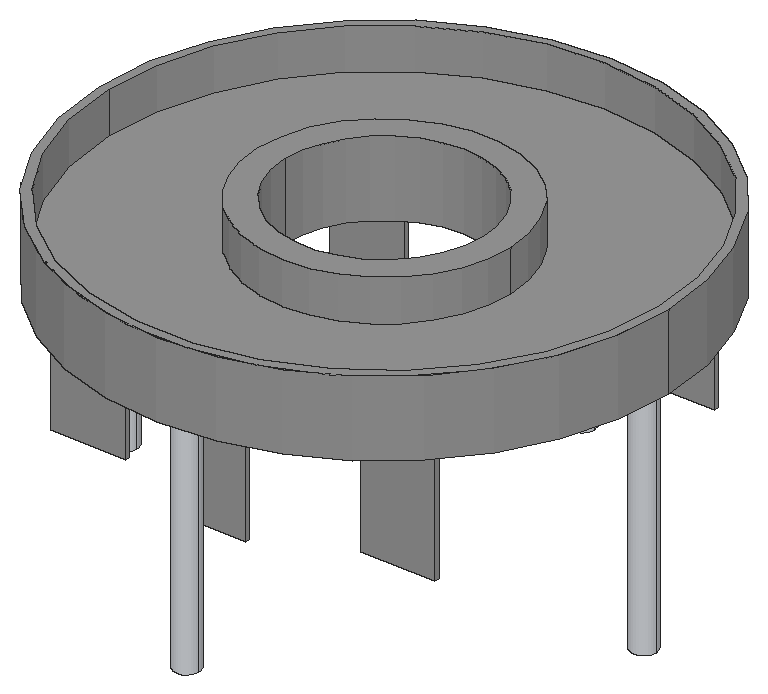
Revit family "Nivellierbare Schwerlastkassette für Tubus, RKFRSL, 20, 7", category Generic Models, Revit 2015
Parameters (values of type "RKFR2 7 SL2V2 20")
  URL = "http://www.obo-bettermann.com"
  Material = Stainless Steel, Polished
  Manufacturer Art.No. = "7409466"
  Manufacturer = "OBO Bettermann"
  HeightCalc = if(Height < 105 mm, 105 mm, (if(Height > 155 mm, 155 mm, Height)))  # 150 mm
  Height 1 = 36.5 mm
  Height = 150 mm
  GTIN = "4012195869740"
  Diameter 1 = 265.6 mm
  Diameter = 274 mm
  Cut depth = 20 mm
  Article Type = "RKFR2 7 SL2V2 20"
Reference planes
  plane 1 "Center (Front/Back)": y = 0
  plane 2: z = 0
  plane 3 "Center (Left/Right)": x = 0
  plane 4: z = 113.5
  plane 5: y = 99.5
  plane 6: y = -99.5
  plane 7: z = 150
  plane 8: z = 54.7
  plane 9: z = 130
Forms (mm)
  Extrusion 1, solid
    sketch origin (0, 0, 0) x (1, 0, 0) y (0, 1, 0)
      loop
        circle (0, 119) r 6
      loop
        circle (0, -119) r 6
      loop
        circle (-125, 0) r 6
      loop
        circle (125, 0) r 6
    from 0 to 113.5
  Extrusion 2, solid, material "Stainless Steel, Polished" <- "Material"
    sketch origin (0, 0, 0) x (1, 0, 0) y (0, 1, 0)
      loop
        line (56.5, 85) -> (56.5, 83) -> (92.5, 83) -> (92.5, 85) -> (56.5, 85)
      loop
        line (-92.5, 85) -> (-92.5, 83) -> (-56.5, 83) -> (-56.5, 85) -> (-92.5, 85)
      loop
        line (-18, 106) -> (-18, 104) -> (18, 104) -> (18, 106) -> (-18, 106)
      loop
        line (56.5, -83) -> (56.5, -85) -> (92.5, -85) -> (92.5, -83) -> (56.5, -83)
      loop
        line (-92.5, -83) -> (-92.5, -85) -> (-56.5, -85) -> (-56.5, -83) -> (-92.5, -83)
      loop
        line (-18, -104) -> (-18, -106) -> (18, -106) -> (18, -104) -> (-18, -104)
    from 54.7 to 113.5
  Extrusion 3, solid, material "Stainless Steel, Polished" <- "Material"
    sketch origin (0, 0, 0) x (1, 0, 0) y (0, 1, 0)
      loop
        circle (0, 0) r 137
    from 113.5 to 150
  Extrusion 4, void
    sketch origin (0, 0, 0) x (1, 0, 0) y (0, 1, 0)
      loop
        circle (0, 0) r 132.8
      loop
        circle (0, 0) r 61
    from 130 to 150
  Extrusion 5, void
    sketch origin (0, 0, 0) x (1, 0, 0) y (0, 1, 0)
      loop
        circle (0, 0) r 47.77
    from 113.5 to 150
Cuts and joins
  Extrusion 4 cuts Extrusion 1
  Extrusion 4 cuts Extrusion 2
  Extrusion 4, Extrusion 5 cuts Extrusion 3
Dimensions and locks
  "HeightCalc": plane 7 to level
  "Height 1": plane 7 to plane 4
  locked: plane 4 to plane 8 at 58.8
  "Cut depth": plane 7 to plane 9
  locked: plane 5 to plane 6 at 199
  equal spacing: plane 5, plane 1 "Center (Front/Back)", plane 6, locked at 99.5 each
  locked: plane 1 "Center (Front/Back)" to Extrusion 1 sketch curve at 119
  locked: Extrusion 1 sketch curve to plane 1 "Center (Front/Back)" at 119
  locked: Extrusion 1 sketch curve to plane 3 "Center (Left/Right)" at 125
  locked: plane 3 "Center (Left/Right)" to Extrusion 1 sketch curve at 125
  locked: Extrusion 2 sketch curve to Extrusion 2 sketch curve at 36  (x6)
  locked: Extrusion 2 sketch curve to Extrusion 2 sketch curve at 2  (x6)
  locked: Extrusion 2 sketch curve to Extrusion 2 sketch curve at 113  (x2)
  equal spacing: Extrusion 2 sketch curve, plane 3 "Center (Left/Right)", Extrusion 2 sketch curve, locked at 56.5 each  (x2)
  locked: Extrusion 2 sketch curve to plane 1 "Center (Front/Back)" at 83  (x2)
  equal spacing: Extrusion 2 sketch curve, plane 3 "Center (Left/Right)", Extrusion 2 sketch curve, locked at 18 each  (x2)
  locked: plane 1 "Center (Front/Back)" to Extrusion 2 sketch curve at 104
  locked: Extrusion 2 sketch curve to plane 1 "Center (Front/Back)" at 104
  "Diameter": diameter of Extrusion 3 sketch curve
  "Diameter 1": diameter of Extrusion 4 sketch curve
  diameter of Extrusion 1 sketch curve = 12 mm  (x4)
  diameter of Extrusion 4 sketch curve = 122 mm
  diameter of Extrusion 5 sketch curve = 95.54 mm
  aligned and locked: level to plane 2
  aligned and locked: plane 4 to Extrusion 1
  aligned and locked: Extrusion 1 to Extrusion 2
  aligned and locked: Extrusion 2 to plane 8
  aligned and locked: Extrusion 3 to Extrusion 1
  aligned and locked: plane 7 to Extrusion 3
  aligned and locked: cut or joined group of Extrusion 3, Extrusion 4, Extrusion 5 to Extrusion 4
  aligned and locked: Extrusion 4 to plane 9
  aligned and locked: Extrusion 2 sketch curve to Extrusion 2 sketch curve  (x2)
  aligned and locked: Extrusion 3 to Extrusion 5  (x2)
Automatic sketch dimensions
  Extrusion 1 sketch curve to plane 3 "Center (Left/Right)" = 0 mm  (x2)
  plane 1 "Center (Front/Back)" to Extrusion 1 sketch curve = 0 mm  (x2)
  plane 1 "Center (Front/Back)" to Extrusion 3 sketch curve = 0 mm
  Extrusion 3 sketch curve to plane 3 "Center (Left/Right)" = 0 mm
  Extrusion 4 sketch curve to Extrusion 4 sketch curve = 0 mm  (x2)
  plane 1 "Center (Front/Back)" to Extrusion 4 sketch curve = 0 mm
  Extrusion 4 sketch curve to plane 3 "Center (Left/Right)" = 0 mm
  plane 1 "Center (Front/Back)" to Extrusion 5 sketch curve = 0 mm
  Extrusion 5 sketch curve to plane 3 "Center (Left/Right)" = 0 mm
